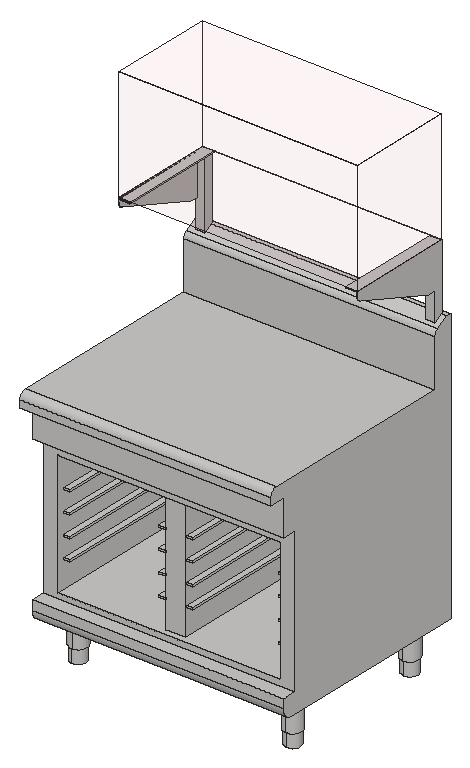
Revit family "QF_MOFFAT WALDORF_BT8900S-CB", category Specialty Equipment, Revit 2012
Parameters
  Weight in Pounds = 205.0297  # constant formula
  Width [instance] = 900.00 mm  # constant formula
  URL Cutsheet = "www.moffat.com"
  URL = "www.moffat.com"
  Type Mark [instance] = ""
  Status [instance] = ""
  Specification by User [instance] = ""
  Specification by Manufacturer = ""
  Show Clearance [instance] = yes
  Show Casters [instance] = no
  Serial Number = ""
  Seismic Rating = ""
  SMACNA No = ""
  Revision Code [instance] = ""
  Omniclass Number and Title = ""
  NAFEM Spec ID Number = ""
  Model = "BT8900S-CB"
  Masterspec = ""
  Manufacturer = "MOFFAT WALDORF"
  Legs [instance] = not(Show Casters)  # yes
  Item Number [instance] = ""
  Installed By [instance] = ""
  Identify Quantity as Lot [instance] = yes
  Height = 1130.00 mm  # constant formula
  Furnished By [instance] = ""
  Foodservice Equipment Identifier [instance] = yes
  Description = "BENCH TOP FOR SALAMANDER ON CABINET BASE"
  Depth [instance] = 805.00 mm  # constant formula
  CSI MasterFormat = ""
  CSI Master Format = ""
  Back Splash [instance] = 215.00 mm  # constant formula
Reference planes
  plane 1 "BACK": y = 0
  plane 2: z = 0
  plane 3 "LEFT": x = 0
  plane 4 "RIGHT": x = 900
  plane 5 "FRONT": y = -805
  plane 6 "TOP": z = 1130
  plane 7 "Center Y": x = 450
  plane 8 "Center X": y = -402.5
  plane 9 "Base Height": z = 150
  plane 10: z = 915
  plane 11: x = 65
  plane 12: x = 834.938
  plane 13: y = -625
  plane 14: y = -100
  plane 15: z = 1770
Forms (mm)
  Extrusion 1, solid, material "QF_Finishes_Stainless Steel"
    sketch origin (0, 0, 0) x (0, 1, 0) y (0, 0, 1)
      loop
        line (-144, 222.5) -> (-749, 222.5) -> (-749, 188)
        arc (-749, 188) -> (-737.87, 161.13) -> (-711, 150) r 38
        line (-711, 150) -> (0, 150) -> (0, 1130) -> (-16.5, 1130) -> (-58, 1106.04)
        arc (-58, 1106.04) -> (-66.785, 1097.255) -> (-70, 1085.255) r 24
        line (-70, 1085.255) -> (-70, 915) -> (-781, 915)
        arc (-781, 915) -> (-797.971, 907.971) -> (-805, 891) r 24
        line (-805, 891) -> (-805, 866) -> (-749, 866) -> (-749, 740) -> (-144, 740) -> (-144, 222.5)
    from 0 to 900
  Revolve 2, solid, material "QF_Finishes_Stainless Steel", visible <- "Legs"
    sketch origin (65, -165, 0) x (0, 1, 0) y (0, 0, 1)
      loop
        line (33.25, 150) -> (33.25, 50) -> (37.5, 50) -> (37.5, 0) -> (65, 0) -> (65, 150) -> (33.25, 150)
      axis (65, 150) -> (65, 0)
    angle from 0 to 360
  Revolve 3, solid, material "QF_Finishes_Stainless Steel"
    sketch origin (65, -735, 0) x (0, 1, 0) y (0, 0, 1)
      loop
        line (78.25, 150) -> (78.25, 50) -> (82.5, 50) -> (82.5, 0) -> (110, 0) -> (110, 150) -> (78.25, 150)
      axis (110, 150) -> (110, 0)
    angle from 0 to 360
  Revolve 4, solid, material "QF_Finishes_Stainless Steel", visible <- "Legs"
    sketch origin (834.938, -165, 0) x (0, 1, 0) y (0, 0, -1)
      loop
        line (33.25, -150) -> (65, -150) -> (65, 0) -> (37.5, 0) -> (37.5, -50) -> (33.25, -50) -> (33.25, -150)
      axis (65, -150) -> (65, 0)
    angle from 0 to 360
  Revolve 5, solid, material "QF_Finishes_Stainless Steel"
    sketch origin (834.938, -735, 0) x (0, 1, 0) y (0, 0, -1)
      loop
        line (78.25, -150) -> (110, -150) -> (110, 0) -> (82.5, 0) -> (82.5, -50) -> (78.25, -50) -> (78.25, -150)
      axis (110, -150) -> (110, 0)
    angle from 0 to 360
  Extrusion 6, solid, material "QF_Finishes_Stainless Steel"
    sketch origin (0, -70, 1085.255) x (0, 0, -1) y (1, 0, 0)
      loop
        line (400.255, 850) -> (400.255, 50) -> (842.755, 50) -> (842.755, 850) -> (400.255, 850)
      loop
        line (345.255, 0) -> (862.755, 0) -> (862.755, 900) -> (345.255, 900) -> (345.255, 0)
    from 74 to 629
  Extrusion 7, solid, material "QF_Finishes_Stainless Steel"
    sketch origin (0, -70, 1085.255) x (0, 0, -1) y (1, 0, 0)
      loop
        line (400.255, 419.5) -> (842.755, 419.5) -> (842.755, 490.5) -> (400.255, 490.5) -> (400.255, 419.5)
    from 74 to 604
  Extrusion 8, solid, material "QF_Finishes_Stainless Steel"
    sketch origin (0, -70, 1085.255) x (0, 0, -1) y (1, 0, 0)
      loop
        line (596.505, 419.5) -> (590.155, 419.5) -> (590.155, 394.5) -> (596.505, 394.5) -> (596.505, 419.5)
      loop
        line (671.505, 419.5) -> (665.155, 419.5) -> (665.155, 394.5) -> (671.505, 394.5) -> (671.505, 419.5)
      loop
        line (671.505, 50) -> (671.505, 75) -> (665.155, 75) -> (665.155, 50) -> (671.505, 50)
      loop
        line (590.155, 75) -> (590.155, 50) -> (596.505, 50) -> (596.505, 75) -> (590.155, 75)
      loop
        line (746.505, 419.5) -> (740.155, 419.5) -> (740.155, 394.5) -> (746.505, 394.5) -> (746.505, 419.5)
      loop
        line (746.505, 50) -> (746.505, 75) -> (740.155, 75) -> (740.155, 50) -> (746.505, 50)
      loop
        line (521.505, 419.5) -> (515.155, 419.5) -> (515.155, 394.5) -> (521.505, 394.5) -> (521.505, 419.5)
      loop
        line (515.155, 75) -> (515.155, 50) -> (521.505, 50) -> (521.505, 75) -> (515.155, 75)
    from 74 to 604
  Extrusion 9, solid, material "QF_Finishes_Stainless Steel"
    sketch origin (430.5, -70, 1085.255) x (0, 0, -1) y (1, 0, 0)
      loop
        line (596.505, 419.5) -> (590.155, 419.5) -> (590.155, 394.5) -> (596.505, 394.5) -> (596.505, 419.5)
      loop
        line (671.505, 419.5) -> (665.155, 419.5) -> (665.155, 394.5) -> (671.505, 394.5) -> (671.505, 419.5)
      loop
        line (671.505, 60) -> (671.505, 85) -> (665.155, 85) -> (665.155, 60) -> (671.505, 60)
      loop
        line (590.155, 85) -> (590.155, 60) -> (596.505, 60) -> (596.505, 85) -> (590.155, 85)
      loop
        line (746.505, 419.5) -> (740.155, 419.5) -> (740.155, 394.5) -> (746.505, 394.5) -> (746.505, 419.5)
      loop
        line (746.505, 60) -> (746.505, 85) -> (740.155, 85) -> (740.155, 60) -> (746.505, 60)
      loop
        line (521.505, 419.5) -> (515.155, 419.5) -> (515.155, 394.5) -> (521.505, 394.5) -> (521.505, 419.5)
      loop
        line (515.155, 85) -> (515.155, 60) -> (521.505, 60) -> (521.505, 85) -> (515.155, 85)
    from 74 to 604
  Extrusion 10, solid, material "QF_Clearance", visible <- "Show Clearance"
    sketch origin (24.572, -13, 1365.004) x (-1, 0, 0) y (0, -1, 0)
      loop
        line (3.092, 378) -> (-853.948, 378) -> (-853.948, 0) -> (3.092, 0) -> (3.092, 378)
    from 0 to 404.996
  Extrusion 11, solid, material "QF_Finishes_Stainless Steel"
    sketch origin (-0.02, 0, 0.004) x (0, 1, 0) y (0, 0, 1)
      loop
        line (-13, 1362.5) -> (-45, 1362.5) -> (-45, 1113.546) -> (-16.5, 1130) -> (-13, 1130) -> (-13, 1362.5)
    from 21.5 to 53.5
  Extrusion 12, solid, material "QF_Finishes_Stainless Steel"
    sketch origin (-0.02, 0, 0.004) x (0, 1, 0) y (0, 0, 1)
      loop
        line (-391, 1365) -> (-391, 1352.344)
        arc (-391, 1352.344) -> (-386.541, 1338.094) -> (-374.754, 1328.927) r 25
        line (-374.754, 1328.927) -> (-70, 1215) -> (-13, 1215) -> (-13, 1365) -> (-391, 1365)
    from 21.5 to 24.592
  Extrusion 13, solid, material "QF_Finishes_Stainless Steel"
    sketch origin (-0.02, -391, 1362.504) x (0, 1, 0) y (-1, 0, 0)
      loop
        line (378, -24.592) -> (0, -24.592) -> (0, -64) -> (378, -64) -> (378, -24.592)
    from 0 to 2.5
  Extrusion 14, solid, material "QF_Finishes_Stainless Steel"
    sketch origin (900.02, 0, 0.004) x (0, 1, 0) y (0, 0, -1)
      loop
        line (-13, -1362.5) -> (-13, -1130) -> (-16.5, -1130) -> (-45, -1113.546) -> (-45, -1362.5) -> (-13, -1362.5)
    from 21.5 to 53.5
  Extrusion 15, solid, material "QF_Finishes_Stainless Steel"
    sketch origin (900.02, 0, 0.004) x (0, 1, 0) y (0, 0, -1)
      loop
        line (-391, -1365) -> (-13, -1365) -> (-13, -1215) -> (-70, -1215) -> (-374.754, -1328.927)
        arc (-374.754, -1328.927) -> (-386.541, -1338.094) -> (-391, -1352.344) r 25
        line (-391, -1352.344) -> (-391, -1365)
    from 21.5 to 24.592
  Extrusion 16, solid, material "QF_Finishes_Stainless Steel"
    sketch origin (900.02, -391, 1362.504) x (0, 1, 0) y (-1, 0, 0)
      loop
        line (378, 24.592) -> (378, 64) -> (0, 64) -> (0, 24.592) -> (378, 24.592)
    from 0 to 2.5
  Extrusion 17, void
    sketch origin (0, 0, 223) x (1, 0, 0) y (0, 1, 0)
      loop
        line (824, -87) -> (824, 0) -> (694, 0) -> (694, -39) -> (744, -87) -> (824, -87)
    from 0 to 476
Cuts and joins
  Extrusion 17 cuts Extrusion 1
  Extrusion 17 cuts Extrusion 6
  joined: Extrusion 1, Extrusion 6
  joined: Extrusion 14, Extrusion 15, Extrusion 16
  joined: Extrusion 11, Extrusion 12, Extrusion 13
  Extrusion 17 cuts Revolve 4
Lines and regions (mm)
  Split face 1
    outline origin (900, -16.5, 1130) x (-1, 0, 0) y (0, -0.866025, -0.5)
      loop
        line (770.5, 3.416) -> (770.5, 35.816) -> (750.5, 35.816) -> (750.5, 3.416) -> (770.5, 3.416)
  Split face 2
    outline origin (900, -16.5, 1130) x (-1, 0, 0) y (0, -0.866025, -0.5)
      loop
        line (743.544, 3.416) -> (743.544, 35.816) -> (723.544, 35.816) -> (723.544, 3.416) -> (743.544, 3.416)
  Split face 3
    outline origin (900, -16.5, 1130) x (-1, 0, 0) y (0, -0.866025, -0.5)
      loop
        line (696.446, 3.416) -> (716.446, 3.416) -> (716.446, 35.816) -> (696.446, 35.816) -> (696.446, 3.416)
  Split face 4
    outline origin (900, -16.5, 1130) x (-1, 0, 0) y (0, -0.866025, -0.5)
      loop
        line (669.453, 35.816) -> (669.453, 3.416) -> (689.453, 3.416) -> (689.453, 35.816) -> (669.453, 35.816)
  Split face 5
    outline origin (900, -16.5, 1130) x (-1, 0, 0) y (0, -0.866025, -0.5)
      loop
        line (642.5, 35.816) -> (642.5, 3.416) -> (662.5, 3.416) -> (662.5, 35.816) -> (642.5, 35.816)
  Split face 6
    outline origin (900, -16.5, 1130) x (-1, 0, 0) y (0, -0.866025, -0.5)
      loop
        line (615.5, 35.816) -> (615.5, 3.416) -> (635.5, 3.416) -> (635.5, 35.816) -> (615.5, 35.816)
  Split face 7
    outline origin (900, -16.5, 1130) x (-1, 0, 0) y (0, -0.866025, -0.5)
      loop
        line (588.5, 35.816) -> (588.5, 3.416) -> (608.5, 3.416) -> (608.5, 35.816) -> (588.5, 35.816)
  Split face 8
    outline origin (900, -16.5, 1130) x (-1, 0, 0) y (0, -0.866025, -0.5)
      loop
        line (581.5, 35.816) -> (561.5, 35.816) -> (561.5, 3.416) -> (581.5, 3.416) -> (581.5, 35.816)
  Split face 9
    outline origin (900, -16.5, 1130) x (-1, 0, 0) y (0, -0.866025, -0.5)
      loop
        line (554.5, 3.416) -> (554.5, 35.816) -> (534.5, 35.816) -> (534.5, 3.416) -> (554.5, 3.416)
  Split face 10
    outline origin (900, -16.5, 1130) x (-1, 0, 0) y (0, -0.866025, -0.5)
      loop
        line (507.5, 35.816) -> (507.5, 3.416) -> (527.5, 3.416) -> (527.5, 35.816) -> (507.5, 35.816)
  Split face 11
    outline origin (900, -16.5, 1130) x (-1, 0, 0) y (0, -0.866025, -0.5)
      loop
        line (480.5, 35.816) -> (480.5, 3.416) -> (500.5, 3.416) -> (500.5, 35.816) -> (480.5, 35.816)
  Split face 12
    outline origin (900, -16.5, 1130) x (-1, 0, 0) y (0, -0.866025, -0.5)
      loop
        line (453.5, 35.816) -> (453.5, 3.416) -> (473.5, 3.416) -> (473.5, 35.816) -> (453.5, 35.816)
  Split face 13
    outline origin (900, -16.5, 1130) x (-1, 0, 0) y (0, -0.866025, -0.5)
      loop
        line (426.5, 3.416) -> (446.5, 3.416) -> (446.5, 35.816) -> (426.5, 35.816) -> (426.5, 3.416)
  Split face 14
    outline origin (900, -16.5, 1130) x (-1, 0, 0) y (0, -0.866025, -0.5)
      loop
        line (399.5, 3.416) -> (419.5, 3.416) -> (419.5, 35.816) -> (399.5, 35.816) -> (399.5, 3.416)
  Split face 15
    outline origin (900, -16.5, 1130) x (-1, 0, 0) y (0, -0.866025, -0.5)
      loop
        line (372.5, 3.416) -> (392.5, 3.416) -> (392.5, 35.816) -> (372.5, 35.816) -> (372.5, 3.416)
  Split face 16
    outline origin (900, -16.5, 1130) x (-1, 0, 0) y (0, -0.866025, -0.5)
      loop
        line (345.5, 35.816) -> (345.5, 3.416) -> (365.5, 3.416) -> (365.5, 35.816) -> (345.5, 35.816)
  Split face 17
    outline origin (900, -16.5, 1130) x (-1, 0, 0) y (0, -0.866025, -0.5)
      loop
        line (338.5, 35.816) -> (318.5, 35.816) -> (318.5, 3.416) -> (338.5, 3.416) -> (338.5, 35.816)
  Split face 18
    outline origin (900, -16.5, 1130) x (-1, 0, 0) y (0, -0.866025, -0.5)
      loop
        line (291.5, 3.416) -> (311.5, 3.416) -> (311.5, 35.816) -> (291.5, 35.816) -> (291.5, 3.416)
  Split face 19
    outline origin (900, -16.5, 1130) x (-1, 0, 0) y (0, -0.866025, -0.5)
      loop
        line (264.5, 3.416) -> (284.5, 3.416) -> (284.5, 35.816) -> (264.5, 35.816) -> (264.5, 3.416)
  Split face 20
    outline origin (900, -16.5, 1130) x (-1, 0, 0) y (0, -0.866025, -0.5)
      loop
        line (257.5, 3.416) -> (257.5, 35.816) -> (237.5, 35.816) -> (237.5, 3.416) -> (257.5, 3.416)
  Split face 21
    outline origin (900, -16.5, 1130) x (-1, 0, 0) y (0, -0.866025, -0.5)
      loop
        line (230.5, 35.816) -> (210.5, 35.816) -> (210.5, 3.416) -> (230.5, 3.416) -> (230.5, 35.816)
  Split face 22
    outline origin (900, -16.5, 1130) x (-1, 0, 0) y (0, -0.866025, -0.5)
      loop
        line (183.5, 35.816) -> (183.5, 3.416) -> (203.5, 3.416) -> (203.5, 35.816) -> (183.5, 35.816)
  Split face 23
    outline origin (900, -16.5, 1130) x (-1, 0, 0) y (0, -0.866025, -0.5)
      loop
        line (176.5, 35.816) -> (156.5, 35.816) -> (156.5, 3.416) -> (176.5, 3.416) -> (176.5, 35.816)
  Split face 24
    outline origin (900, -16.5, 1130) x (-1, 0, 0) y (0, -0.866025, -0.5)
      loop
        line (129.5, 35.816) -> (129.5, 3.416) -> (149.5, 3.416) -> (149.5, 35.816) -> (129.5, 35.816)
  symbolic lines
    curve 1: line (0, 0, 0) -> (0, -805, 0)
    curve 2: line (900, 0, 0) -> (0, 0, 0)
    curve 3: line (900, -805, 0) -> (900, 0, 0)
    curve 4: line (0, -70, 0) -> (21.48, -70, 0)
    curve 5: line (0, -805, 0) -> (900, -805, 0)
    curve 10: line (129.5, -50.642, 0) -> (129.5, -22.583, 0)
    curve 11: line (129.5, -22.583, 0) -> (149.5, -22.583, 0)
    curve 12: line (149.5, -22.583, 0) -> (149.5, -50.642, 0)
    curve 13: line (149.5, -50.642, 0) -> (129.5, -50.642, 0)
    curve 14: line (156.456, -50.642, 0) -> (156.456, -22.583, 0)
    curve 15: line (156.456, -22.583, 0) -> (176.456, -22.583, 0)
    curve 16: line (176.456, -22.583, 0) -> (176.456, -50.642, 0)
    curve 17: line (176.456, -50.642, 0) -> (156.456, -50.642, 0)
    curve 18: line (183.554, -50.642, 0) -> (183.554, -22.583, 0)
    curve 19: line (183.554, -22.583, 0) -> (203.554, -22.583, 0)
    curve 20: line (203.554, -22.583, 0) -> (203.554, -50.642, 0)
    curve 21: line (203.554, -50.642, 0) -> (183.554, -50.642, 0)
    curve 22: line (210.547, -50.642, 0) -> (210.547, -22.583, 0)
    curve 23: line (210.547, -22.583, 0) -> (230.547, -22.583, 0)
    curve 24: line (230.547, -22.583, 0) -> (230.547, -50.642, 0)
    curve 25: line (230.547, -50.642, 0) -> (210.547, -50.642, 0)
    curve 26: line (237.5, -50.642, 0) -> (237.5, -22.583, 0)
    curve 27: line (237.5, -22.583, 0) -> (257.5, -22.583, 0)
    curve 28: line (257.5, -22.583, 0) -> (257.5, -50.642, 0)
    curve 29: line (257.5, -50.642, 0) -> (237.5, -50.642, 0)
    curve 30: line (264.5, -50.642, 0) -> (264.5, -22.583, 0)
    curve 31: line (264.5, -22.583, 0) -> (284.5, -22.583, 0)
    curve 32: line (284.5, -22.583, 0) -> (284.5, -50.642, 0)
    curve 33: line (284.5, -50.642, 0) -> (264.5, -50.642, 0)
    curve 34: line (291.5, -50.642, 0) -> (291.5, -22.583, 0)
    curve 35: line (291.5, -22.583, 0) -> (311.5, -22.583, 0)
    curve 36: line (311.5, -22.583, 0) -> (311.5, -50.642, 0)
    curve 37: line (311.5, -50.642, 0) -> (291.5, -50.642, 0)
    curve 38: line (318.5, -50.642, 0) -> (318.5, -22.583, 0)
    curve 39: line (318.5, -22.583, 0) -> (338.5, -22.583, 0)
    curve 40: line (338.5, -22.583, 0) -> (338.5, -50.642, 0)
    curve 41: line (338.5, -50.642, 0) -> (318.5, -50.642, 0)
    curve 42: line (345.5, -50.642, 0) -> (345.5, -22.583, 0)
    curve 43: line (345.5, -22.583, 0) -> (365.5, -22.583, 0)
    curve 44: line (365.5, -22.583, 0) -> (365.5, -50.642, 0)
    curve 45: line (365.5, -50.642, 0) -> (345.5, -50.642, 0)
    curve 46: line (372.5, -50.642, 0) -> (372.5, -22.583, 0)
    curve 47: line (372.5, -22.583, 0) -> (392.5, -22.583, 0)
    curve 48: line (392.5, -22.583, 0) -> (392.5, -50.642, 0)
    curve 49: line (392.5, -50.642, 0) -> (372.5, -50.642, 0)
    curve 50: line (399.5, -50.642, 0) -> (399.5, -22.583, 0)
    curve 51: line (399.5, -22.583, 0) -> (419.5, -22.583, 0)
    curve 52: line (419.5, -22.583, 0) -> (419.5, -50.642, 0)
    curve 53: line (419.5, -50.642, 0) -> (399.5, -50.642, 0)
    curve 54: line (426.5, -50.642, 0) -> (426.5, -22.583, 0)
    curve 55: line (426.5, -22.583, 0) -> (446.5, -22.583, 0)
    curve 56: line (446.5, -22.583, 0) -> (446.5, -50.642, 0)
    curve 57: line (446.5, -50.642, 0) -> (426.5, -50.642, 0)
    curve 58: line (453.5, -50.642, 0) -> (453.5, -22.583, 0)
    curve 59: line (453.5, -22.583, 0) -> (473.5, -22.583, 0)
    curve 60: line (473.5, -22.583, 0) -> (473.5, -50.642, 0)
    curve 61: line (473.5, -50.642, 0) -> (453.5, -50.642, 0)
    curve 62: line (480.5, -50.642, 0) -> (480.5, -22.583, 0)
    curve 63: line (480.5, -22.583, 0) -> (500.5, -22.583, 0)
    curve 64: line (500.5, -22.583, 0) -> (500.5, -50.642, 0)
    curve 65: line (500.5, -50.642, 0) -> (480.5, -50.642, 0)
    curve 66: line (507.5, -50.642, 0) -> (507.5, -22.583, 0)
    curve 67: line (507.5, -22.583, 0) -> (527.5, -22.583, 0)
    curve 68: line (527.5, -22.583, 0) -> (527.5, -50.642, 0)
    curve 69: line (527.5, -50.642, 0) -> (507.5, -50.642, 0)
    curve 70: line (534.5, -50.642, 0) -> (534.5, -22.583, 0)
    curve 71: line (534.5, -22.583, 0) -> (554.5, -22.583, 0)
    curve 72: line (554.5, -22.583, 0) -> (554.5, -50.642, 0)
    curve 73: line (554.5, -50.642, 0) -> (534.5, -50.642, 0)
    curve 74: line (561.5, -50.642, 0) -> (561.5, -22.583, 0)
    curve 75: line (561.5, -22.583, 0) -> (581.5, -22.583, 0)
    curve 76: line (581.5, -22.583, 0) -> (581.5, -50.642, 0)
    curve 77: line (581.5, -50.642, 0) -> (561.5, -50.642, 0)
    curve 78: line (588.5, -50.642, 0) -> (588.5, -22.583, 0)
    curve 79: line (588.5, -22.583, 0) -> (608.5, -22.583, 0)
    curve 80: line (608.5, -22.583, 0) -> (608.5, -50.642, 0)
    curve 81: line (608.5, -50.642, 0) -> (588.5, -50.642, 0)
    curve 82: line (615.5, -50.642, 0) -> (615.5, -22.583, 0)
    curve 83: line (615.5, -22.583, 0) -> (635.5, -22.583, 0)
    curve 84: line (635.5, -22.583, 0) -> (635.5, -50.642, 0)
    curve 85: line (635.5, -50.642, 0) -> (615.5, -50.642, 0)
    curve 86: line (642.5, -50.642, 0) -> (642.5, -22.583, 0)
    curve 87: line (642.5, -22.583, 0) -> (662.5, -22.583, 0)
    curve 88: line (662.5, -22.583, 0) -> (662.5, -50.642, 0)
    curve 89: line (662.5, -50.642, 0) -> (642.5, -50.642, 0)
    curve 90: line (669.5, -50.642, 0) -> (669.5, -22.583, 0)
    curve 91: line (669.5, -22.583, 0) -> (689.5, -22.583, 0)
    curve 92: line (689.5, -22.583, 0) -> (689.5, -50.642, 0)
    curve 93: line (689.5, -50.642, 0) -> (669.5, -50.642, 0)
    curve 94: line (696.5, -50.642, 0) -> (696.5, -22.583, 0)
    curve 95: line (696.5, -22.583, 0) -> (716.5, -22.583, 0)
    curve 96: line (716.5, -22.583, 0) -> (716.5, -50.642, 0)
    curve 97: line (716.5, -50.642, 0) -> (696.5, -50.642, 0)
    curve 98: line (723.5, -50.642, 0) -> (723.5, -22.583, 0)
    curve 99: line (723.5, -22.583, 0) -> (743.5, -22.583, 0)
    curve 100: line (743.5, -22.583, 0) -> (743.5, -50.642, 0)
    curve 101: line (743.5, -50.642, 0) -> (723.5, -50.642, 0)
    curve 102: line (750.5, -50.642, 0) -> (750.5, -22.583, 0)
    curve 103: line (750.5, -22.583, 0) -> (770.5, -22.583, 0)
    curve 104: line (770.5, -22.583, 0) -> (770.5, -50.642, 0)
    curve 105: line (770.5, -50.642, 0) -> (750.5, -50.642, 0)
    curve 110: line (21.48, -13, 0) -> (21.48, -391, 0)
    curve 111: line (63.98, -391, 0) -> (63.98, -13, 0)
    curve 112: line (63.98, -13, 0) -> (21.48, -13, 0)
    curve 113: line (21.48, -391, 0) -> (63.98, -391, 0)
    curve 114: line (878.52, -13, 0) -> (836.02, -13, 0)
    curve 115: line (836.02, -13, 0) -> (836.02, -391, 0)
    curve 116: line (878.52, -391, 0) -> (878.52, -13, 0)
    curve 117: line (836.02, -391, 0) -> (878.52, -391, 0)
    curve 118: line (63.98, -70, 0) -> (836.02, -70, 0)
    curve 119: line (878.52, -70, 0) -> (900, -70, 0)
  symbolic lines, not visible
    curve 6: line (12.5, -51.234, 0) -> (12.5, -20.958, 0)
    curve 7: line (121.5, -20.958, 0) -> (121.5, -51.234, 0)
    curve 8: line (12.5, -51.234, 0) -> (121.5, -51.234, 0)
    curve 9: line (12.5, -20.958, 0) -> (121.5, -20.958, 0)
  symbolic lines, style "QF_Clearances", visible <- "Show Clearance"
    curve 106: line (21.48, -13, 0) -> (21.48, -391, 0)
    curve 107: line (21.48, -391, 0) -> (878.52, -391, 0)
    curve 108: line (878.52, -391, 0) -> (878.52, -13, 0)
    curve 109: line (878.52, -13, 0) -> (21.48, -13, 0)
Dimensions and locks
  equal spacing: plane 3 "LEFT", plane 7 "Center Y", plane 4 "RIGHT"
  "Width": plane 3 "LEFT" to plane 4 "RIGHT"
  equal spacing: plane 5 "FRONT", plane 8 "Center X", plane 1 "BACK"
  "Depth": plane 5 "FRONT" to plane 1 "BACK"
  locked: plane 10 to level at 915
  locked: plane 9 "Base Height" to level at 150
  plane 6 "TOP" to plane 10 = 215.00 mm
  plane 13 to plane 14 = 525.00 mm
  plane 12 to plane 11 = 769.938 mm
  "Height": plane 6 "TOP" to level
  plane 15 to level = 1770.00 mm
  aligned and locked: level to plane 2
Automatic sketch dimensions
  plane 1 "BACK" to curve 1 = 0.00 mm
  curve 1 to plane 3 "LEFT" = 0.00 mm
  curve 3 to plane 4 "RIGHT" = 0.00 mm
  plane 5 "FRONT" to curve 1 = 0.00 mm
  plane 3 "LEFT" to curve 6 = 12.50 mm
  plane 3 "LEFT" to curve 107 = 21.48 mm
  plane 1 "BACK" to curve 7 = 20.958 mm
  plane 11 to curve 7 = 56.50 mm
  curve 7 to curve 13 = 8.00 mm
  curve 10 to curve 12 = 20.00 mm
  curve 12 to curve 14 = 6.956 mm
  curve 14 to curve 15 = 20.00 mm
  curve 16 to curve 18 = 7.098 mm
  curve 18 to curve 19 = 20.00 mm
  curve 20 to curve 22 = 6.993 mm
  curve 22 to curve 24 = 20.00 mm
  curve 23 to curve 26 = 6.953 mm
  curve 26 to curve 28 = 20.00 mm
  curve 28 to curve 33 = 7.00 mm
  curve 30 to curve 31 = 20.00 mm
  curve 32 to curve 34 = 7.00 mm
  curve 34 to curve 36 = 20.00 mm
  curve 35 to curve 39 = 7.00 mm
  curve 38 to curve 40 = 20.00 mm
  curve 40 to curve 45 = 7.00 mm
  curve 42 to curve 44 = 20.00 mm
  curve 44 to curve 46 = 7.00 mm
  curve 46 to curve 48 = 20.00 mm
  curve 48 to curve 53 = 7.00 mm
  curve 50 to curve 52 = 20.00 mm
  curve 52 to curve 57 = 7.00 mm
  curve 55 to plane 7 "Center Y" = 3.50 mm
  plane 7 "Center Y" to curve 58 = 3.50 mm
  curve 58 to curve 59 = 20.00 mm
  curve 60 to curve 62 = 7.00 mm
  curve 62 to curve 63 = 20.00 mm
  curve 64 to curve 66 = 7.00 mm
  curve 66 to curve 67 = 20.00 mm
  curve 68 to curve 73 = 7.00 mm
  curve 70 to curve 72 = 20.00 mm
  curve 72 to curve 77 = 7.00 mm
  curve 74 to curve 76 = 20.00 mm
  curve 76 to curve 78 = 7.00 mm
  curve 78 to curve 79 = 20.00 mm
  curve 80 to curve 82 = 7.00 mm
  curve 82 to curve 83 = 20.00 mm
  curve 84 to curve 86 = 7.00 mm
  curve 86 to curve 88 = 20.00 mm
  curve 87 to curve 90 = 7.00 mm
  curve 90 to curve 92 = 20.00 mm
  curve 92 to curve 97 = 7.00 mm
  curve 94 to curve 95 = 20.00 mm
  curve 96 to curve 98 = 7.00 mm
  curve 98 to curve 100 = 20.00 mm
  curve 100 to curve 105 = 7.00 mm
  curve 102 to curve 104 = 20.00 mm
  plane 4 "RIGHT" to curve 109 = 21.48 mm
  plane 8 "Center X" to curve 108 = 11.50 mm
  plane 14 to curve 4 = 30.00 mm
  curve 8 to curve 7 = 30.277 mm
  plane 14 to curve 105 = 49.358 mm
  curve 101 to curve 102 = 0.00 mm
  curve 7 to curve 10 = 0.592 mm
  curve 97 to curve 98 = 0.00 mm
  curve 12 to curve 14 = 0.00 mm  (x2)
  curve 93 to curve 94 = 0.00 mm
  curve 16 to curve 18 = 0.00 mm  (x2)
  curve 89 to curve 90 = 0.00 mm
  curve 20 to curve 22 = 0.00 mm  (x2)
  curve 85 to curve 86 = 0.00 mm
  curve 24 to curve 26 = 0.00 mm  (x2)
  curve 81 to curve 82 = 0.00 mm
  curve 28 to curve 30 = 0.00 mm  (x2)
  curve 77 to curve 78 = 0.00 mm
  curve 32 to curve 34 = 0.00 mm  (x2)
  curve 73 to curve 74 = 0.00 mm
  curve 36 to curve 38 = 0.00 mm  (x2)
  curve 69 to curve 70 = 0.00 mm
  curve 40 to curve 42 = 0.00 mm  (x2)
  curve 65 to curve 66 = 0.00 mm
  curve 44 to curve 46 = 0.00 mm  (x2)
  curve 61 to curve 62 = 0.00 mm
  curve 48 to curve 50 = 0.00 mm  (x2)
  curve 52 to curve 54 = 0.00 mm  (x2)
  plane 1 "BACK" to curve 56 = 22.583 mm
  plane 1 "BACK" to curve 103 = 22.583 mm
  curve 55 to curve 58 = 0.00 mm
  curve 59 to curve 62 = 0.00 mm
  curve 63 to curve 66 = 0.00 mm
  curve 67 to curve 70 = 0.00 mm
  curve 71 to curve 74 = 0.00 mm
  curve 75 to curve 78 = 0.00 mm
  curve 79 to curve 82 = 0.00 mm
  curve 83 to curve 86 = 0.00 mm
  curve 87 to curve 90 = 0.00 mm
  curve 91 to curve 94 = 0.00 mm
  curve 95 to curve 98 = 0.00 mm
  plane 1 "BACK" to curve 108 = 13.00 mm
  Extrusion 1 sketch curve to plane 5 "FRONT" = 0.00 mm
  Extrusion 1 sketch curve to plane 10 = 0.00 mm
  Extrusion 1 sketch curve to plane 9 "Base Height" = 0.00 mm
  Extrusion 1 sketch curve to plane 6 "TOP" = 0.00 mm
  Extrusion 1 sketch curve to plane 1 "BACK" = 0.00 mm
  Extrusion 1 sketch curve to plane 5 "FRONT" = 24.00 mm
  Extrusion 1 sketch curve to plane 5 "FRONT" = 56.00 mm  (x2)
  Extrusion 1 sketch curve to Extrusion 1 sketch curve = 38.00 mm
  plane 14 to Extrusion 1 sketch curve = 30.00 mm
  Extrusion 1 sketch curve to Extrusion 1 sketch curve = 12.00 mm  (x2)
  Extrusion 1 sketch curve to Extrusion 1 sketch curve = 16.50 mm
  Extrusion 1 sketch curve to Extrusion 1 sketch curve = 34.50 mm
  Extrusion 1 sketch curve to Extrusion 1 sketch curve = 151.00 mm
  Extrusion 1 sketch curve to Extrusion 1 sketch curve = 25.00 mm
  Extrusion 1 sketch curve to plane 6 "TOP" = 44.745 mm
  Revolve 2 sketch curve to plane 9 "Base Height" = 0.00 mm
  Revolve 2 sketch curve to level = 0.00 mm
  Revolve 2 sketch curve to plane 14 = 0.00 mm  (x2)
  Revolve 2 sketch curve to Revolve 2 sketch curve = 27.50 mm
  Revolve 2 sketch curve to Revolve 2 sketch curve = 31.75 mm
  Revolve 2 sketch curve to level = 55.00 mm
  Revolve 2 sketch curve to Revolve 2 sketch curve = 50.00 mm
  Revolve 2 sketch curve to Revolve 2 sketch curve = 0.00 mm
  Revolve 3 sketch curve to plane 9 "Base Height" = 0.00 mm
  Revolve 3 sketch curve to level = 0.00 mm
  Revolve 3 sketch curve to plane 13 = 0.00 mm  (x2)
  Revolve 3 sketch curve to plane 13 = 27.50 mm
  Revolve 3 sketch curve to Revolve 3 sketch curve = 31.75 mm
  Revolve 3 sketch curve to Revolve 3 sketch curve = 55.00 mm
  level to Revolve 3 sketch curve = 50.00 mm
  Revolve 3 sketch curve to Revolve 3 sketch curve = 0.00 mm
  Revolve 4 sketch curve to plane 9 "Base Height" = 0.00 mm
  Revolve 4 sketch curve to level = 0.00 mm
  Revolve 4 sketch curve to plane 14 = 0.00 mm  (x2)
  Revolve 4 sketch curve to Revolve 4 sketch curve = 27.50 mm
  Revolve 4 sketch curve to Revolve 4 sketch curve = 31.75 mm
  level to Revolve 4 sketch curve = 50.00 mm
  Revolve 4 sketch curve to Revolve 4 sketch curve = 0.00 mm
  Revolve 4 sketch curve to Revolve 4 sketch curve = 55.00 mm
  Revolve 5 sketch curve to plane 9 "Base Height" = 0.00 mm
  Revolve 5 sketch curve to level = 0.00 mm
  Revolve 5 sketch curve to plane 13 = 0.00 mm  (x2)
  Revolve 5 sketch curve to plane 13 = 27.50 mm
  Revolve 5 sketch curve to plane 13 = 31.75 mm
  level to Revolve 5 sketch curve = 50.00 mm
  Revolve 5 sketch curve to Revolve 5 sketch curve = 0.00 mm
  Revolve 5 sketch curve to Revolve 5 sketch curve = 55.00 mm
  Extrusion 7 sketch curve to Extrusion 7 sketch curve = 71.00 mm
  Extrusion 8 sketch curve to Extrusion 8 sketch curve = 6.35 mm  (x8)
  Extrusion 8 sketch curve to Extrusion 8 sketch curve = 68.65 mm  (x6)
  Extrusion 8 sketch curve to Extrusion 8 sketch curve = 25.00 mm  (x8)
  Extrusion 8 sketch curve to Extrusion 8 sketch curve = 319.50 mm
  Extrusion 8 sketch curve to Extrusion 8 sketch curve = 0.00 mm  (x4)
  Extrusion 9 sketch curve to Extrusion 9 sketch curve = 6.35 mm  (x8)
  Extrusion 9 sketch curve to Extrusion 9 sketch curve = 68.65 mm  (x6)
  Extrusion 9 sketch curve to Extrusion 9 sketch curve = 25.00 mm  (x8)
  Extrusion 9 sketch curve to Extrusion 9 sketch curve = 0.00 mm  (x6)
  Extrusion 9 sketch curve to Extrusion 9 sketch curve = 309.50 mm
  cut or joined group of Extrusion 1, Extrusion 6, Extrusion 17 to Split face 1 sketch curve = 3.416 mm
  Split face 1 sketch curve to cut or joined group of Extrusion 1, Extrusion 6, Extrusion 17 = 149.50 mm
  Split face 1 sketch curve to Split face 1 sketch curve = 20.00 mm
  Split face 1 sketch curve to cut or joined group of Extrusion 1, Extrusion 6, Extrusion 17 = 12.104 mm
  cut or joined group of Extrusion 1, Extrusion 6, Extrusion 17 to Split face 2 sketch curve = 3.416 mm
  Split face 2 sketch curve to cut or joined group of Extrusion 1, Extrusion 6, Extrusion 17 = 176.456 mm
  Split face 2 sketch curve to Split face 2 sketch curve = 20.00 mm
  Split face 2 sketch curve to cut or joined group of Extrusion 1, Extrusion 6, Extrusion 17 = 12.104 mm
  Split face 3 sketch curve to cut or joined group of Extrusion 1, Extrusion 6, Extrusion 17 = 12.104 mm
  Split face 3 sketch curve to cut or joined group of Extrusion 1, Extrusion 6, Extrusion 17 = 203.554 mm
  cut or joined group of Extrusion 1, Extrusion 6, Extrusion 17 to Split face 3 sketch curve = 3.416 mm
  Split face 3 sketch curve to Split face 3 sketch curve = 20.00 mm
  Split face 4 sketch curve to cut or joined group of Extrusion 1, Extrusion 6, Extrusion 17 = 12.104 mm
  Split face 4 sketch curve to cut or joined group of Extrusion 1, Extrusion 6, Extrusion 17 = 230.547 mm
  cut or joined group of Extrusion 1, Extrusion 6, Extrusion 17 to Split face 4 sketch curve = 3.416 mm
  Split face 4 sketch curve to Split face 4 sketch curve = 20.00 mm
  cut or joined group of Extrusion 1, Extrusion 6, Extrusion 17 to Split face 5 sketch curve = 3.416 mm
  Split face 5 sketch curve to cut or joined group of Extrusion 1, Extrusion 6, Extrusion 17 = 257.50 mm
  Split face 5 sketch curve to Split face 5 sketch curve = 20.00 mm
  Split face 5 sketch curve to cut or joined group of Extrusion 1, Extrusion 6, Extrusion 17 = 12.104 mm
  Split face 6 sketch curve to cut or joined group of Extrusion 1, Extrusion 6, Extrusion 17 = 12.104 mm
  Split face 6 sketch curve to cut or joined group of Extrusion 1, Extrusion 6, Extrusion 17 = 284.50 mm
  cut or joined group of Extrusion 1, Extrusion 6, Extrusion 17 to Split face 6 sketch curve = 3.416 mm
  Split face 6 sketch curve to Split face 6 sketch curve = 20.00 mm
  Split face 7 sketch curve to cut or joined group of Extrusion 1, Extrusion 6, Extrusion 17 = 12.104 mm
  Split face 7 sketch curve to cut or joined group of Extrusion 1, Extrusion 6, Extrusion 17 = 311.50 mm
  cut or joined group of Extrusion 1, Extrusion 6, Extrusion 17 to Split face 7 sketch curve = 3.416 mm
  Split face 7 sketch curve to Split face 7 sketch curve = 20.00 mm
  Split face 8 sketch curve to cut or joined group of Extrusion 1, Extrusion 6, Extrusion 17 = 12.104 mm
  Split face 8 sketch curve to cut or joined group of Extrusion 1, Extrusion 6, Extrusion 17 = 338.50 mm
  cut or joined group of Extrusion 1, Extrusion 6, Extrusion 17 to Split face 8 sketch curve = 3.416 mm
  Split face 8 sketch curve to Split face 8 sketch curve = 20.00 mm
  cut or joined group of Extrusion 1, Extrusion 6, Extrusion 17 to Split face 9 sketch curve = 3.416 mm
  Split face 9 sketch curve to cut or joined group of Extrusion 1, Extrusion 6, Extrusion 17 = 365.50 mm
  Split face 9 sketch curve to Split face 9 sketch curve = 20.00 mm
  Split face 9 sketch curve to cut or joined group of Extrusion 1, Extrusion 6, Extrusion 17 = 12.104 mm
  Split face 10 sketch curve to cut or joined group of Extrusion 1, Extrusion 6, Extrusion 17 = 12.104 mm
  Split face 10 sketch curve to cut or joined group of Extrusion 1, Extrusion 6, Extrusion 17 = 392.50 mm
  cut or joined group of Extrusion 1, Extrusion 6, Extrusion 17 to Split face 10 sketch curve = 3.416 mm
  Split face 10 sketch curve to Split face 10 sketch curve = 20.00 mm
  Split face 11 sketch curve to cut or joined group of Extrusion 1, Extrusion 6, Extrusion 17 = 12.104 mm
  Split face 11 sketch curve to cut or joined group of Extrusion 1, Extrusion 6, Extrusion 17 = 419.50 mm
  cut or joined group of Extrusion 1, Extrusion 6, Extrusion 17 to Split face 11 sketch curve = 3.416 mm
  Split face 11 sketch curve to Split face 11 sketch curve = 20.00 mm
  Split face 12 sketch curve to cut or joined group of Extrusion 1, Extrusion 6, Extrusion 17 = 12.104 mm
  Split face 12 sketch curve to cut or joined group of Extrusion 1, Extrusion 6, Extrusion 17 = 446.50 mm
  cut or joined group of Extrusion 1, Extrusion 6, Extrusion 17 to Split face 12 sketch curve = 3.416 mm
  Split face 12 sketch curve to Split face 12 sketch curve = 20.00 mm
  cut or joined group of Extrusion 1, Extrusion 6, Extrusion 17 to Split face 13 sketch curve = 3.416 mm
  Split face 13 sketch curve to cut or joined group of Extrusion 1, Extrusion 6, Extrusion 17 = 426.50 mm
  Split face 13 sketch curve to Split face 13 sketch curve = 20.00 mm
  Split face 13 sketch curve to cut or joined group of Extrusion 1, Extrusion 6, Extrusion 17 = 12.104 mm
  cut or joined group of Extrusion 1, Extrusion 6, Extrusion 17 to Split face 14 sketch curve = 3.416 mm
  Split face 14 sketch curve to cut or joined group of Extrusion 1, Extrusion 6, Extrusion 17 = 399.50 mm
  Split face 14 sketch curve to Split face 14 sketch curve = 20.00 mm
  Split face 14 sketch curve to cut or joined group of Extrusion 1, Extrusion 6, Extrusion 17 = 12.104 mm
  cut or joined group of Extrusion 1, Extrusion 6, Extrusion 17 to Split face 15 sketch curve = 3.416 mm
  Split face 15 sketch curve to cut or joined group of Extrusion 1, Extrusion 6, Extrusion 17 = 372.50 mm
  Split face 15 sketch curve to Split face 15 sketch curve = 20.00 mm
  Split face 15 sketch curve to cut or joined group of Extrusion 1, Extrusion 6, Extrusion 17 = 12.104 mm
  Split face 16 sketch curve to cut or joined group of Extrusion 1, Extrusion 6, Extrusion 17 = 12.104 mm
  Split face 16 sketch curve to cut or joined group of Extrusion 1, Extrusion 6, Extrusion 17 = 345.50 mm
  cut or joined group of Extrusion 1, Extrusion 6, Extrusion 17 to Split face 16 sketch curve = 3.416 mm
  Split face 16 sketch curve to Split face 16 sketch curve = 20.00 mm
  Split face 17 sketch curve to cut or joined group of Extrusion 1, Extrusion 6, Extrusion 17 = 12.104 mm
  Split face 17 sketch curve to cut or joined group of Extrusion 1, Extrusion 6, Extrusion 17 = 318.50 mm
  cut or joined group of Extrusion 1, Extrusion 6, Extrusion 17 to Split face 17 sketch curve = 3.416 mm
  Split face 17 sketch curve to Split face 17 sketch curve = 20.00 mm
  Split face 18 sketch curve to cut or joined group of Extrusion 1, Extrusion 6, Extrusion 17 = 12.104 mm
  Split face 18 sketch curve to cut or joined group of Extrusion 1, Extrusion 6, Extrusion 17 = 291.50 mm
  cut or joined group of Extrusion 1, Extrusion 6, Extrusion 17 to Split face 18 sketch curve = 3.416 mm
  Split face 18 sketch curve to Split face 18 sketch curve = 20.00 mm
  cut or joined group of Extrusion 1, Extrusion 6, Extrusion 17 to Split face 19 sketch curve = 3.416 mm
  Split face 19 sketch curve to cut or joined group of Extrusion 1, Extrusion 6, Extrusion 17 = 264.50 mm
  Split face 19 sketch curve to Split face 19 sketch curve = 20.00 mm
  Split face 19 sketch curve to cut or joined group of Extrusion 1, Extrusion 6, Extrusion 17 = 12.104 mm
  cut or joined group of Extrusion 1, Extrusion 6, Extrusion 17 to Split face 20 sketch curve = 3.416 mm
  Split face 20 sketch curve to cut or joined group of Extrusion 1, Extrusion 6, Extrusion 17 = 237.50 mm
  Split face 20 sketch curve to Split face 20 sketch curve = 20.00 mm
  Split face 20 sketch curve to cut or joined group of Extrusion 1, Extrusion 6, Extrusion 17 = 12.104 mm
  Split face 21 sketch curve to cut or joined group of Extrusion 1, Extrusion 6, Extrusion 17 = 12.104 mm
  Split face 21 sketch curve to cut or joined group of Extrusion 1, Extrusion 6, Extrusion 17 = 210.50 mm
  cut or joined group of Extrusion 1, Extrusion 6, Extrusion 17 to Split face 21 sketch curve = 3.416 mm
  Split face 21 sketch curve to Split face 21 sketch curve = 20.00 mm
  cut or joined group of Extrusion 1, Extrusion 6, Extrusion 17 to Split face 22 sketch curve = 3.416 mm
  Split face 22 sketch curve to cut or joined group of Extrusion 1, Extrusion 6, Extrusion 17 = 183.50 mm
  Split face 22 sketch curve to Split face 22 sketch curve = 20.00 mm
  Split face 22 sketch curve to cut or joined group of Extrusion 1, Extrusion 6, Extrusion 17 = 12.104 mm
  Split face 23 sketch curve to cut or joined group of Extrusion 1, Extrusion 6, Extrusion 17 = 12.104 mm
  Split face 23 sketch curve to cut or joined group of Extrusion 1, Extrusion 6, Extrusion 17 = 156.50 mm
  cut or joined group of Extrusion 1, Extrusion 6, Extrusion 17 to Split face 23 sketch curve = 3.416 mm
  Split face 23 sketch curve to Split face 23 sketch curve = 20.00 mm
  cut or joined group of Extrusion 1, Extrusion 6, Extrusion 17 to Split face 24 sketch curve = 3.416 mm
  Split face 24 sketch curve to cut or joined group of Extrusion 1, Extrusion 6, Extrusion 17 = 129.50 mm
  Split face 24 sketch curve to Split face 24 sketch curve = 20.00 mm
  Split face 24 sketch curve to cut or joined group of Extrusion 1, Extrusion 6, Extrusion 17 = 12.104 mm
  plane 4 "RIGHT" to Extrusion 10 sketch curve = 21.48 mm
  plane 3 "LEFT" to Extrusion 10 sketch curve = 21.48 mm
  plane 1 "BACK" to Extrusion 10 sketch curve = 13.00 mm
  plane 8 "Center X" to Extrusion 10 sketch curve = 11.50 mm
  Extrusion 11 sketch curve to plane 6 "TOP" = 16.45 mm
  Extrusion 11 sketch curve to plane 5 "FRONT" = 760.00 mm
  plane 6 "TOP" to Extrusion 11 sketch curve = 0.004 mm
  Extrusion 11 sketch curve to plane 5 "FRONT" = 788.50 mm
  Extrusion 11 sketch curve to Extrusion 11 sketch curve = 3.50 mm
  Extrusion 11 sketch curve to Extrusion 11 sketch curve = 232.50 mm
  Extrusion 12 sketch curve to plane 5 "FRONT" = 414.00 mm
  Extrusion 12 sketch curve to Extrusion 12 sketch curve = 16.246 mm
  Extrusion 12 sketch curve to Extrusion 12 sketch curve = 8.754 mm
  Extrusion 12 sketch curve to plane 5 "FRONT" = 735.00 mm
  Extrusion 12 sketch curve to plane 5 "FRONT" = 792.00 mm
  plane 6 "TOP" to Extrusion 12 sketch curve = 85.004 mm
  plane 6 "TOP" to Extrusion 12 sketch curve = 198.931 mm
  Extrusion 12 sketch curve to Extrusion 12 sketch curve = 12.656 mm
  Extrusion 11 to Extrusion 13 sketch curve = 0.00 mm
  Extrusion 11 to Extrusion 13 sketch curve = 3.092 mm
  Extrusion 11 to Extrusion 13 sketch curve = 346.00 mm
  Extrusion 13 sketch curve to Extrusion 11 = 10.50 mm
  Extrusion 14 sketch curve to plane 6 "TOP" = 16.45 mm
  Extrusion 14 sketch curve to plane 5 "FRONT" = 760.00 mm
  plane 6 "TOP" to Extrusion 14 sketch curve = 0.004 mm
  Extrusion 14 sketch curve to plane 5 "FRONT" = 788.50 mm
  Extrusion 14 sketch curve to Extrusion 14 sketch curve = 3.50 mm
  plane 6 "TOP" to Extrusion 14 sketch curve = 232.504 mm
  Extrusion 15 sketch curve to plane 5 "FRONT" = 414.00 mm
  Extrusion 15 sketch curve to Extrusion 15 sketch curve = 16.246 mm
  Extrusion 15 sketch curve to Extrusion 15 sketch curve = 8.754 mm
  Extrusion 15 sketch curve to plane 5 "FRONT" = 735.00 mm
  Extrusion 15 sketch curve to plane 5 "FRONT" = 792.00 mm
  plane 6 "TOP" to Extrusion 15 sketch curve = 235.004 mm
  Extrusion 15 sketch curve to Extrusion 15 sketch curve = 12.656 mm
  plane 6 "TOP" to Extrusion 15 sketch curve = 85.004 mm
  Extrusion 16 sketch curve to Extrusion 14 = 0.00 mm
  Extrusion 14 to Extrusion 16 sketch curve = 3.092 mm
  Extrusion 14 to Extrusion 16 sketch curve = 346.00 mm
  Extrusion 16 sketch curve to Extrusion 14 = 10.50 mm
  curve 111 to plane 11 = 1.02 mm
  curve 114 to plane 12 = 1.082 mm
  curve 115 to curve 114 = 0.00 mm
  plane 14 to curve 118 = 30.00 mm
  plane 14 to curve 119 = 30.00 mm
  plane 1 "BACK" to Extrusion 17 sketch curve = 0.00 mm
  plane 1 "BACK" to Extrusion 17 sketch curve = 39.00 mm
  plane 12 to Extrusion 17 sketch curve = 140.937 mm
  plane 14 to Extrusion 17 sketch curve = 13.00 mm
  Extrusion 17 sketch curve to Extrusion 17 sketch curve = 50.00 mm
  plane 12 to Extrusion 17 sketch curve = 10.937 mm
  Extrusion 1 sketch curve to plane 14 = 44.00 mm
  Extrusion 6 sketch curve to plane 3 "LEFT" = 0.00 mm
  plane 4 "RIGHT" to Extrusion 6 sketch curve = 0.00 mm
  Extrusion 6 sketch curve to plane 10 = 175.00 mm
  Extrusion 6 sketch curve to plane 12 = 15.063 mm
  Extrusion 6 sketch curve to Extrusion 6 sketch curve = 55.00 mm
  plane 9 "Base Height" to Extrusion 6 sketch curve = 92.50 mm
  Extrusion 6 sketch curve to Extrusion 6 sketch curve = 20.00 mm
  Extrusion 6 sketch curve to plane 11 = 15.00 mm
  plane 7 "Center Y" to Extrusion 7 sketch curve = 40.50 mm
  Extrusion 7 sketch curve to plane 10 = 230.00 mm
  plane 9 "Base Height" to Extrusion 7 sketch curve = 92.50 mm
  Extrusion 8 sketch curve to plane 11 = 15.00 mm  (x3)
  Extrusion 8 sketch curve to plane 10 = 344.90 mm
  Extrusion 8 sketch curve to plane 7 "Center Y" = 30.50 mm
  plane 7 "Center Y" to Extrusion 9 sketch curve = 40.50 mm
  Extrusion 9 sketch curve to plane 10 = 344.90 mm
  Extrusion 9 sketch curve to plane 12 = 15.063 mm
Nested families
  nested 1: "BT8900S-CB-CASTERS" at (65, -100, 0), Show Casters <- "Show Casters", visible <- "Show Casters", type "BT8900S-CB-CASTERS"
    with Type Mark "", Status "", Specification by User "", Show Casters no, Revision Code "", Item Number "", Installed By "", Identify Quantity as Lot yes, Furnished By "", Foodservice Equipment Identifier yes
  nested 2: "BT8900S-CB-CASTERS" at (835, -100, 0), Show Casters <- "Show Casters", visible <- "Show Casters", type "BT8900S-CB-CASTERS"
    with Type Mark "", Status "", Specification by User "", Show Casters no, Revision Code "", Item Number "", Installed By "", Identify Quantity as Lot yes, Furnished By "", Foodservice Equipment Identifier yes
Definition of nested family "BT8900S-CB-CASTERS"
  Parameters (values of type "BT8900-CB-CASTERS")
    Weight = ""
    URL Manufacturer = ""
    URL Cutsheet = ""
    URL = ""
    Type Mark [instance] = ""
    Status [instance] = ""
    Specification by User [instance] = ""
    Specification by Manufacturer = ""
    Show Casters [instance] = no
    Serial Number = ""
    Seismic Rating = ""
    SMACNA No = ""
    Revision Code [instance] = ""
    Omniclass Number and Title = ""
    NAFEM Spec ID Number = ""
    Model = ""
    MasterSpec. = ""
    Manufacturer = ""
    Item Number [instance] = ""
    Installed By [instance] = ""
    Identify Quantity as Lot [instance] = yes
    Furnished By [instance] = ""
    Foodservice Equipment Identifier [instance] = yes
    Description = ""
    CSI MasterFormat = ""
    CSI Master Format = ""
    Assembly Code = ""
  Reference planes
    plane 1: z = 0
    plane 2 "RIGHT": x = 0
    plane 3 "FRONT": y = 0
    plane 4 "TOP": z = 150
  Forms (mm)
    Revolve 1, solid, material "QF_Finishes_Stainless Steel", visible <- "Show Casters"
      sketch origin (0, 56.335, 0) x (0, 1, 0) y (0, 0, 1)
        loop
          line (-56.335, 150) -> (-56.335, 141.118) -> (-23.798, 141.118) -> (-23.798, 150) -> (-56.335, 150)
        axis (-56.335, 141.118) -> (-56.335, 150)
      angle from 0 to 360
    Extrusion 2, solid, material "QF_Finishes_Stainless Steel", visible <- "Show Casters"
      sketch origin (-46.049, 56.335, 0) x (0, 1, 0) y (0, 0, 1)
        loop
          line (-85.799, 141.118) -> (-85.799, 133.498) -> (-82.136, 133.498)
          arc (-82.136, 133.498) -> (-79.344, 132.328) -> (-77.146, 130.248) r 8.432
          line (-77.146, 130.248) -> (-39.502, 49.52)
          arc (-39.502, 49.52) -> (-13.784, 46.107) -> (-5.673, 70.75) r 20.32
          arc (-5.673, 70.75) -> (-7.065, 73.611) -> (-8.887, 76.22) r 20.32
          arc (-8.887, 76.22) -> (-9.399, 85.377) -> (-6.626, 94.119) r 25.4
          line (-6.626, 94.119) -> (8.003, 121.632)
          arc (8.003, 121.632) -> (-2.347, 126.31) -> (-13.34, 129.167) r 66.802
          line (-13.34, 129.167) -> (-13.765, 133.498) -> (-26.871, 133.498) -> (-26.871, 141.118) -> (-85.799, 141.118)
      from 20.058 to 22.923
    Extrusion 3, solid, material "QF_Finishes_Stainless Steel", visible <- "Show Casters"
      sketch origin (3.326, 56.335, 0) x (0, 1, 0) y (0, 0, 1)
        loop
          line (-85.799, 141.118) -> (-85.799, 133.498) -> (-82.136, 133.498)
          arc (-82.136, 133.498) -> (-79.344, 132.328) -> (-77.146, 130.248) r 8.432
          line (-77.146, 130.248) -> (-39.502, 49.52)
          arc (-39.502, 49.52) -> (-13.784, 46.107) -> (-5.673, 70.75) r 20.32
          arc (-5.673, 70.75) -> (-7.065, 73.611) -> (-8.887, 76.22) r 20.32
          arc (-8.887, 76.22) -> (-9.399, 85.377) -> (-6.626, 94.119) r 25.4
          line (-6.626, 94.119) -> (8.003, 121.632)
          arc (8.003, 121.632) -> (-2.347, 126.31) -> (-13.34, 129.167) r 66.802
          line (-13.34, 129.167) -> (-13.765, 133.498) -> (-26.871, 133.498) -> (-26.871, 141.118) -> (-85.799, 141.118)
      from 20.058 to 22.923
    Extrusion 4, solid, material "QF_Finishes_Stainless Steel", visible <- "Show Casters"
      sketch origin (-49.224, 56.335, 0) x (0, 1, 0) y (0, 0, 1)
        loop
          line (-85.799, 141.118) -> (-85.799, 133.498) -> (-82.136, 133.498) -> (-18.877, 127.964) -> (7.14, 120.01) -> (8.003, 121.632)
          arc (8.003, 121.632) -> (-2.347, 126.31) -> (-13.34, 129.167) r 66.802
          line (-13.34, 129.167) -> (-13.765, 133.498) -> (-26.871, 133.498) -> (-26.871, 141.118) -> (-85.799, 141.118)
      from 26.098 to 72.56
    Revolve 5, solid, material "QF_Finishes_Stainless Steel", visible <- "Show Casters"
      sketch origin (-49.224, 30.821, 0) x (1, 0, 0) y (0, 0, 1)
        loop
          line (14.841, 63.604) -> (83.584, 63.604) -> (83.584, 67.109) -> (82.314, 68.379) -> (80.79, 68.379) -> (80.79, 71.826) -> (68.644, 71.826) -> (68.644, 81.79) -> (65.088, 83.843) -> (61.683, 104.879) -> (65.881, 104.879) -> (65.881, 111.229) -> (65.088, 111.229) -> (65.088, 117.579)
          arc (65.088, 117.579) -> (62.298, 124.314) -> (55.563, 127.104) r 9.525
          line (55.563, 127.104) -> (42.863, 127.104)
          arc (42.863, 127.104) -> (36.127, 124.314) -> (33.338, 117.579) r 9.525
          line (33.338, 117.579) -> (33.338, 111.229) -> (32.544, 111.229) -> (32.544, 104.879) -> (36.742, 104.879) -> (33.352, 83.932) -> (29.782, 81.871) -> (29.782, 71.826) -> (17.635, 71.826) -> (17.635, 68.379) -> (16.111, 68.379) -> (14.841, 67.109) -> (14.841, 63.604)
        axis (14.841, 63.604) -> (83.584, 63.604)
      angle from 0 to 360
  Cuts and joins
    joined: Extrusion 2, Extrusion 3, Extrusion 4
  Lines and regions (mm)
    symbolic lines, style "SpecialityEquipmentHiddenLines", visible <- "Show Casters"
      curve 1: line (18.009, 67.053, 0) -> (45.595, 51.127, 0)
      curve 2: line (-45.491, -42.932, 0) -> (18.009, 67.053, 0)
      curve 3: line (-17.905, -58.859, 0) -> (-45.491, -42.932, 0)
      curve 4: line (45.595, 51.127, 0) -> (-17.905, -58.859, 0)
  Dimensions and locks
    plane 4 "TOP" to level = 150.00 mm  (x2)
    Revolve 5 sketch curve to Revolve 5 sketch curve = 63.50 mm
    aligned and locked: level to plane 1
